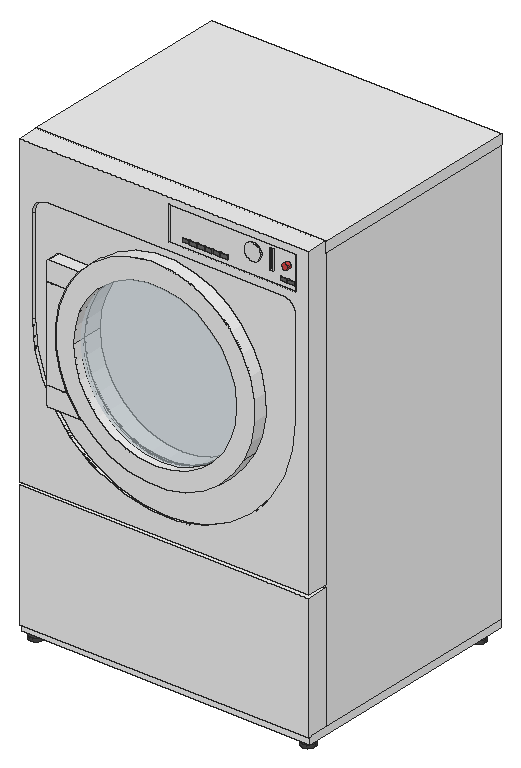
Revit family
Parameters (values of type "Dryer_PT_7251_Miele")
  Warranty Duration (Years) = 0
  Voltage_MEP = 230 V
  URL = "http://www.professionallaundry.com/intro/default.asp"
  Specification = "http://www.arcat.com/sdspecs/htm/11110mpp.htm"
  Send Message = "http://www.arcat.com/users.pl?action=UserEmail&company=Miele%20Professional%20Products&coid=46081&rep=121&fax=609-419-4298&mf="
  Sales Information = "http://miele.com/locator/locator_new.asp?nav=800&snav=800&tnav=800&oT=7"
  Revision = "R1_03-2010"
  Product Properties = "http://www.arcat.com/bim/bim_info.pl?fn=Miele"
  Product Data = "http://www.arcat.com/arcatcos/cos46/arc46081.html"
  Model = "PT 7251"
  Manufacturer Website = "http://www.professionallaundry.com/intro/default.asp"
  Manufacturer Phone - Toll Free = "800-843-7231 "
  Manufacturer Phone = "609-419-9898 "
  Manufacturer Fax = "609-419-4298"
  Manufacturer Address = "9 Independence Way, Princeton, NJ 08540"
  Manufacturer = "Miele Professional Products"
  Maintenance Schedule (Months) = 0
  MEP Wattage = Voltage_MEP * MEP Amperage  # 11500 VA
  MEP Amperage = 50 A
  Keynote = "11 23 00"
  Installation-Fabrication = "http://www.professionallaundry.com/model/modelsintro.asp"
  Installation Phase = ""
  Green Building-LEED = "http://www.arcat.com/green/clients/leed_data_46081.html"
  Expected Lifespan (Years) = 0
  Evaporation Rate = "7.5 fl oz/minute"
  Drawn By = "Robert S. Weygant, CSI, CDT, SCIP"
  Description = "Miele PT 7251 Commercial Dryer"
  Copyright = "2010, ARCAT, Inc"
  Construction Details = "http://www.professionallaundry.com/model/modelsintro.asp"
  Connection Dia Electrical = 0' - 1"
  Connect Dpth = -0' - 1"
  Circuits = 3
  Capacity = "23 Lbs"
  Body Material = Metal - Stainless Steel
  Assembly Code = "E1090320"
Reference planes (in)
  plane 1 "Center (Front/Back)": y = 0
  plane 2: z = 0
  plane 3 "Center (Left/Right)": x = 0
  plane 4 "Connection Plane": y = 14.03916
  plane 5: z = 54.97762
Forms (in)
  Extrusion 1, solid, material "Electrical"
    sketch origin (6.25, 14.03916, 58.94681) x (-1, 0, 0) y (0, 0, -1)
      loop
        circle (19.22397, 6.9376) r 0.5
    from 0 to -1 <- "Connect Dpth"
  Extrusion 2, solid, material "Appliance Foot", not visible
    sketch origin (-17.94491, 0, 5.70173) x (1, 0, 0) y (0, 1, 0)
      loop
        circle (4.33957, -18.03075) r 0.81159
    from 0 to 0.32449
  Extrusion 3, solid, material "Appliance Foot", not visible
    sketch origin (-17.94491, 0, 5.70173) x (1, 0, 0) y (0, 1, 0)
      loop
        circle (4.31639, -18.03075) r 0.18544
    from 0.32449 to 0.78508
  Extrusion 4, solid, material "Appliance Foot"
    sketch origin (-21.03866, 3.96185, 0) x (1, 0, 0) y (0, 1, 0)
      loop
        circle (4.33957, -18.03075) r 0.81159
    from 0 to 0.32449
  Extrusion 5, solid, material "Metal - Stainless Steel" <- "Body Material"
    sketch origin (0, 8.00677, -6.07553) x (1, 0, 0) y (0, 0, 1)
      loop
        line (-17.6875, 7.69188) -> (-17.6875, 6.86061) -> (17.6875, 6.86061) -> (17.6875, 7.69188) -> (-17.6875, 7.69188)
    from -6.0324 to 23.09548
  Extrusion 6, solid, material "Metal - Stainless Steel" <- "Body Material"
    sketch origin (0, 8.00677, 0) x (1, 0, 0) y (0, 0, 1)
      loop
        line (-17.6875, 1.61635) -> (17.6875, 1.61635) -> (17.6875, 16.90242) -> (-17.6875, 16.90242) -> (-17.6875, 1.61635)
    from 20.75285 to 23.33901
  Extrusion 7, solid, material "Metal - Stainless Steel" <- "Body Material"
    sketch origin (0, 8.00677, 0) x (1, 0, 0) y (0, 0, 1)
      loop
        line (-17.6875, 54.97762) -> (-17.6875, 17.31805) -> (17.6875, 17.31805) -> (17.6875, 54.97762) -> (-17.6875, 54.97762)
      loop
        line (0.60036, 54.21704) -> (0.60036, 50.06394) -> (16.11733, 50.06394) -> (16.11733, 54.21704) -> (0.60036, 54.21704)
      loop
        line (-16.11733, 47.38708) -> (-16.11733, 35.74445)
        arc (-16.11733, 35.74445) -> (0, 19.62712) -> (16.11733, 35.74445) r 16.11733
        line (16.11733, 35.74445) -> (16.11733, 47.43338)
        arc (16.11733, 47.43338) -> (15.61833, 48.63807) -> (14.41363, 49.13708) r 1.7037
        line (14.41363, 49.13708) -> (-14.36733, 49.13708)
        arc (-14.36733, 49.13708) -> (-15.60477, 48.62451) -> (-16.11733, 47.38708) r 1.75
    from 20.75285 to 23.33901
  Extrusion 8, solid, material "Metal - Stainless Steel" <- "Body Material"
    sketch origin (0, 8.00677, 47.09719) x (1, 0, 0) y (0, 0, 1)
      loop
        line (-17.77986, 7.88043) -> (-17.77986, 6.69529) -> (17.77986, 6.69529) -> (17.77986, 7.88043) -> (-17.77986, 7.88043)
    from -6.12476 to 20.75285
  Extrusion 9, solid, material "Metal - Stainless Steel" <- "Body Material"
    sketch origin (0, 8.00677, 45.89194) x (1, 0, 0) y (0, 0, 1)
      loop
        line (-17.6875, 7.88043) -> (-17.6875, -44.27559) -> (17.6875, -44.27559) -> (17.6875, 7.88043) -> (-17.6875, 7.88043)
    from -6.0324 to 20.75285
  Extrusion 10, solid, material "Metal - Stainless Steel" <- "Body Material"
    sketch origin (0, 8.00677, 3.8244) x (1, 0, 0) y (0, 0, 1)
      loop
        circle (0, 31.90665) r 10
      loop
        line (-13.04644, 23.88629) -> (-9.19001, 23.88629)
        arc (-9.19001, 23.88629) -> (-10.06089, 24.98601) -> (-10.80086, 26.17775) r 12.29809
        line (-10.80086, 26.17775) -> (-13.34644, 26.17775) -> (-13.34644, 24.18629)
        arc (-13.34644, 24.18629) -> (-13.25857, 23.97415) -> (-13.04644, 23.88629) r 0.3
      loop
        line (-9.38874, 40.00181) -> (-13.05115, 40.00181)
        arc (-13.05115, 40.00181) -> (-13.25995, 39.91532) -> (-13.34644, 39.70652) r 0.29529
        line (-13.34644, 39.70652) -> (-13.34644, 37.64655) -> (-10.95526, 37.64655)
        arc (-10.95526, 37.64655) -> (-10.23994, 38.86937) -> (-9.38874, 40.00181) r 12.29809
      loop
        circle (0, 32.0586) r 12.23809
      loop
        line (-10.99178, 37.57437) -> (-13.34644, 37.57437) -> (-13.34644, 26.23204) -> (-10.83024, 26.23204)
        arc (-10.83024, 26.23204) -> (-12.29684, 31.88347) -> (-10.99178, 37.57437) r 12.29809
    from 24.66616 to 23.09548
  Extrusion 11, solid, material "Glass - Laundry"
    sketch origin (0, 8.00677, 3.97635) x (1, 0, 0) y (0, 0, 1)
      loop
        circle (0, 31.7547) r 10
    from 23.33901 to 23.70847
  Extrusion 12, solid, material "Metal - Stainless Steel" <- "Body Material"
    sketch origin (0, 9.04022, 0) x (1, 0, 0) y (0, 0, 1)
      loop
        line (0.60036, 54.21704) -> (0.60036, 50.06394) -> (16.11733, 50.06394) -> (16.11733, 54.21704) -> (0.60036, 54.21704)
    from 21.71402 to 24.30019
  Extrusion 13, solid, material "Appliance Foot"
    sketch origin (-21.03866, 3.96185, 0) x (1, 0, 0) y (0, 1, 0)
      loop
        circle (4.31639, -18.03075) r 0.18544
    from 0.32449 to 0.78508
  Extrusion 14, solid, material "Appliance Foot"
    sketch origin (-21.03866, 29.96729, 0) x (1, 0, 0) y (0, 1, 0)
      loop
        circle (4.33957, -18.03075) r 0.81159
    from 0 to 0.32449
  Extrusion 15, solid, material "Appliance Foot"
    sketch origin (-21.03866, 29.96729, 0) x (1, 0, 0) y (0, 1, 0)
      loop
        circle (4.31639, -18.03075) r 0.18544
    from 0.32449 to 0.78508
  Extrusion 16, solid, material "Appliance Foot"
    sketch origin (12.33165, 3.96185, 0) x (1, 0, 0) y (0, 1, 0)
      loop
        circle (4.33957, -18.03075) r 0.81159
    from 0 to 0.32449
  Extrusion 17, solid, material "Appliance Foot"
    sketch origin (12.33165, 3.96185, 0) x (1, 0, 0) y (0, 1, 0)
      loop
        circle (4.31639, -18.03075) r 0.18544
    from 0.32449 to 0.78508
  Extrusion 18, solid, material "Appliance Foot"
    sketch origin (12.33165, 29.96729, 0) x (1, 0, 0) y (0, 1, 0)
      loop
        circle (4.33957, -18.03075) r 0.81159
    from 0 to 0.32449
  Extrusion 19, solid, material "Appliance Foot"
    sketch origin (12.33165, 29.96729, 0) x (1, 0, 0) y (0, 1, 0)
      loop
        circle (4.31639, -18.03075) r 0.18544
    from 0.32449 to 0.78508
  Extrusion 20, solid, material "Black"
    sketch origin (0, -15.25997, 0) x (1, 0, 0) y (0, 0, 1)
      loop
        line (2.26916, 51.08376) -> (2.26916, 50.66656) -> (3.0572, 50.66656) -> (3.0572, 51.08376) -> (2.26916, 51.08376)
      loop
        line (3.19627, 51.08376) -> (3.19627, 50.66656) -> (4.03067, 50.66656) -> (4.03067, 51.08376) -> (3.19627, 51.08376)
      loop
        line (4.16973, 51.08376) -> (4.16973, 50.66656) -> (4.95778, 50.66656) -> (4.95778, 51.08376) -> (4.16973, 51.08376)
      loop
        line (5.09684, 51.08376) -> (5.09684, 50.66656) -> (5.88489, 50.66656) -> (5.88489, 51.08376) -> (5.09684, 51.08376)
      loop
        line (6.07031, 51.08376) -> (6.07031, 50.66656) -> (6.85835, 50.66656) -> (6.85835, 51.08376) -> (6.07031, 51.08376)
      loop
        line (6.99742, 51.08376) -> (6.99742, 50.66656) -> (7.78546, 50.66656) -> (7.78546, 51.08376) -> (6.99742, 51.08376)
    from 0 to 0.125
  Extrusion 21, solid, material "White"
    sketch origin (4.03804, -15.25997, 0.33129) x (1, 0, 0) y (0, 0, 1)
      loop
        circle (6.84112, 52.25291) r 1
    from 0 to 0.125
  Extrusion 22, solid, material "White"
    sketch origin (6.30948, -15.25997, 0.33129) x (1, 0, 0) y (0, 0, 1)
      loop
        line (6.65568, 53.43834) -> (6.65568, 51.0306) -> (7.02652, 51.0306) -> (7.02652, 53.43834) -> (6.65568, 53.43834)
      loop
        line (6.79474, 53.29782) -> (6.79474, 51.16937) -> (6.88746, 51.16937) -> (6.88746, 53.29782) -> (6.79474, 53.29782)
    from 0 to 0.125
  Extrusion 23, solid, material "Red"
    sketch origin (8.25902, -15.25997, 0.33129) x (1, 0, 0) y (0, 0, 1)
      loop
        circle (6.84112, 52.25291) r 0.36667
    from 0 to 0.44465
  Extrusion 24, solid, material "Black"
    sketch origin (8.19532, -15.25997, -0.00781) x (1, 0, 0) y (0, 0, 1)
      loop
        line (6.07031, 51.08376) -> (6.07031, 50.66656) -> (6.85835, 50.66656) -> (6.85835, 51.08376) -> (6.07031, 51.08376)
      loop
        line (6.99742, 51.08376) -> (6.99742, 50.66656) -> (7.78546, 50.66656) -> (7.78546, 51.08376) -> (6.99742, 51.08376)
    from 0 to 0.125
  Extrusion 25, solid, material "Metal - Stainless Steel" <- "Body Material"
    sketch origin (0, 8.00677, 0) x (1, 0, 0) y (0, 0, 1)
      loop
        line (-16.11733, 47.38708) -> (-16.11733, 35.74445)
        arc (-16.11733, 35.74445) -> (0, 19.62712) -> (16.11733, 35.74445) r 16.11733
        line (16.11733, 35.74445) -> (16.11733, 47.43338)
        arc (16.11733, 47.43338) -> (15.61833, 48.63807) -> (14.41363, 49.13708) r 1.7037
        line (14.41363, 49.13708) -> (-14.36733, 49.13708)
        arc (-14.36733, 49.13708) -> (-15.60477, 48.62451) -> (-16.11733, 47.38708) r 1.75
      loop
        circle (0, 35.73105) r 10
    from 20.75285 to 23.00285
  Extrusion 26, solid, material "Metal - Stainless Steel"
    sketch origin (31.00025, 14.03916, 19.1295) x (-1, 0, 0) y (0, 0, -1)
      loop
        circle (19.22397, 6.9376) r 3
    from 0 to -2.07955
Lines and regions (in)
  Split face 1
    outline origin (0, -15.25997, 0) x (1, 0, 0) y (0, 0, 1)
      loop
        line (1.75925, 53.63331) -> (1.75925, 51.4546) -> (10.87916, 51.4546)
        arc (10.87916, 51.4546) -> (11.96851, 52.54396) -> (10.87916, 53.63331) r 1.08935
        line (10.87916, 53.63331) -> (1.75925, 53.63331)
  Split face 2
    outline origin (0, -15.25997, 0) x (1, 0, 0) y (0, 0, 1)
      loop
        circle (15.10013, 52.5842) r 0.48943
  symbolic lines, style "MechanicalEquipmentHiddenLines"
    curve 1: line (25.62965, -37.5011, 0) -> (12.52987, -15.33225, 0)
    curve 2: arc (0, -19.30453, 43.82621) -> (0, -41.05563, 35.71403) -> (0, -19.26492, 27.70888) r 12.37698
    curve 3: arc (0, -18.87843, 37.73316) -> (0, -38.67867, 35.72599) -> (0, -18.87116, 33.79194) r 10
    curve 4: circle (0, -28.67869, 35.74445) r 9.5 normal (1, 0, 0)
    curve 5: line (0, -16.30206, 43.82621) -> (0, -19.30453, 43.82621)
    curve 6: line (0, -19.26492, 27.70888) -> (0, -16.30206, 27.70888)
    curve 7: line (0, -15.02657, 0.7565) -> (0, -25.76926, 11.49918)
    curve 8: line (0, -23.96818, 13.30026) -> (0, -25.95398, 11.31446)
    curve 9: line (0, -13.13973, 2.47181) -> (0, -23.96818, 13.30026)
    curve 10: line (0, -15.02657, 0.7565) -> (0, -13.13973, 2.47181)
    curve 11: line (0, -25.95398, 10.57555) -> (0, -25.95398, 11.31446)
    curve 14: arc (-12.51001, -16.30206, 0) -> (0.481, -37.694, 0) -> (25.50833, -37.5728, 0) r 25.40964
  symbolic lines
    curve 12: line (0, -16.11733, 16.53296) -> (0, -15.7017, 16.90242)
    curve 13: line (0, -15.7017, 16.90242) -> (0, -15.33225, 16.90242)
Dimensions and locks (in)
  "Connection Dia Electrical": Extrusion 1 sketch curve to Extrusion 1 sketch curve
  Extrusion 26 sketch curve to Extrusion 26 sketch curve = 0' - 6"
Automatic sketch dimensions
  Extrusion 1 sketch curve to Extrusion 1 sketch curve = 0' - 0"  (x2)
  Extrusion 1 sketch curve to plane 5 = 0' - 2.96841"
  Extrusion 1 sketch curve to plane 3 "Center (Left/Right)" = 1' - 0.47397"
  level to Extrusion 5 sketch curve = 0' - 0.78508"
  Extrusion 5 sketch curve to plane 3 "Center (Left/Right)" = 1' - 5 11/16"
  plane 3 "Center (Left/Right)" to Extrusion 5 sketch curve = 1' - 5 11/16"
  Extrusion 5 sketch curve to Extrusion 5 sketch curve = 0' - 0.83127"
  Extrusion 8 sketch curve to plane 5 = 0' - 0"
  Extrusion 8 sketch curve to plane 5 = 0' - 1.18514"
  Extrusion 8 sketch curve to plane 3 "Center (Left/Right)" = 1' - 5.77986"
  plane 3 "Center (Left/Right)" to Extrusion 8 sketch curve = 1' - 5.77986"
  level to Extrusion 9 sketch curve = 0' - 1.61635"
  Extrusion 9 sketch curve to plane 3 "Center (Left/Right)" = 1' - 5 11/16"
  plane 3 "Center (Left/Right)" to Extrusion 9 sketch curve = 1' - 5 11/16"
  Extrusion 9 sketch curve to plane 5 = 0' - 1.20524"
  plane 3 "Center (Left/Right)" to Extrusion 12 sketch curve = 0' - 0.60036"
  Extrusion 12 sketch curve to plane 5 = 0' - 4.91368"
  plane 3 "Center (Left/Right)" to Extrusion 12 sketch curve = 1' - 4.11733"
  Extrusion 12 sketch curve to plane 5 = 0' - 0.76058"
  Extrusion 20 sketch curve to Extrusion 12 = 0' - 0.60262"  (x2)
  Extrusion 20 sketch curve to Extrusion 12 = 0' - 1.6688"
  Extrusion 20 sketch curve to Extrusion 20 sketch curve = 0' - 0.78804"  (x5)
  Extrusion 20 sketch curve to Extrusion 20 sketch curve = 0' - 0.13907"  (x4)
  Extrusion 20 sketch curve to Extrusion 20 sketch curve = 0' - 0.8344"
  Extrusion 20 sketch curve to Extrusion 20 sketch curve = 0' - 0.18542"
  Extrusion 20 sketch curve to Extrusion 20 sketch curve = 0' - 0"  (x8)
  Extrusion 20 sketch curve to Extrusion 20 sketch curve = 0' - 0.4172"  (x2)
  Split face 1 sketch curve to Extrusion 12 = 0' - 1.15889"
  Split face 1 sketch curve to Extrusion 12 = 0' - 1.39066"
  Split face 1 sketch curve to Extrusion 12 = 0' - 5.23817"
  Split face 1 sketch curve to Split face 1 sketch curve = 0' - 1.08935"
  Extrusion 21 sketch curve to Extrusion 12 = 0' - 1 81/128"
  Extrusion 21 sketch curve to Extrusion 12 = 0' - 5.23817"
  Extrusion 22 sketch curve to Extrusion 12 = 0' - 1.29795"
  Extrusion 22 sketch curve to Extrusion 12 = 0' - 3.15217"
  Extrusion 22 sketch curve to Extrusion 22 sketch curve = 0' - 0.13907"  (x2)
  Extrusion 22 sketch curve to Extrusion 22 sketch curve = 0' - 0.09271"
  Extrusion 22 sketch curve to Extrusion 22 sketch curve = 0' - 0.13877"
  Extrusion 22 sketch curve to Extrusion 12 = 0' - 0.58793"
  Extrusion 22 sketch curve to Extrusion 22 sketch curve = 0' - 0.14052"
  Extrusion 23 sketch curve to Extrusion 12 = 0' - 1.0172"
  Extrusion 23 sketch curve to Extrusion 12 = 0' - 1 81/128"
  Split face 2 sketch curve to Extrusion 12 = 0' - 1.0172"
  Split face 2 sketch curve to Extrusion 12 = 0' - 1 81/128"
  Extrusion 24 sketch curve to Extrusion 24 sketch curve = 0' - 0.78804"  (x2)
  Extrusion 24 sketch curve to Extrusion 24 sketch curve = 0' - 0.13907"
  Extrusion 24 sketch curve to Extrusion 12 = 0' - 0.13654"
  Extrusion 24 sketch curve to Extrusion 12 = 0' - 0.59481"
  Extrusion 24 sketch curve to Extrusion 24 sketch curve = 0' - 0"  (x2)
  Extrusion 24 sketch curve to Extrusion 24 sketch curve = 0' - 0.4172"
  level to Extrusion 6 sketch curve = 1' - 4.90242"
  Extrusion 6 sketch curve to plane 3 "Center (Left/Right)" = 1' - 5 11/16"
  plane 3 "Center (Left/Right)" to Extrusion 6 sketch curve = 1' - 5 11/16"
  level to Extrusion 6 sketch curve = 0' - 1.61635"
  Extrusion 7 sketch curve to plane 5 = 0' - 0"
  Extrusion 7 sketch curve to plane 3 "Center (Left/Right)" = 0' - 0"
  Extrusion 7 sketch curve to plane 5 = 0' - 5.84055"
  Extrusion 7 sketch curve to plane 3 "Center (Left/Right)" = 1' - 2.36733"
  Extrusion 7 sketch curve to Extrusion 7 sketch curve = 0' - 1 3/4"
  Extrusion 7 sketch curve to Extrusion 7 sketch curve = 0' - 3.32017"
  plane 3 "Center (Left/Right)" to Extrusion 7 sketch curve = 0' - 0.60036"
  Extrusion 7 sketch curve to Extrusion 7 sketch curve = 0' - 1.7037"  (x2)
  Extrusion 7 sketch curve to plane 5 = 0' - 0.76058"
  plane 3 "Center (Left/Right)" to Extrusion 7 sketch curve = 1' - 5 11/16"
  Extrusion 7 sketch curve to Extrusion 7 sketch curve = 0' - 11.64262"
  level to Extrusion 7 sketch curve = 1' - 5.31805"
  Extrusion 7 sketch curve to Extrusion 7 sketch curve = 0' - 4.1531"
  Extrusion 25 sketch curve to plane 3 "Center (Left/Right)" = 0' - 0"  (x2)
  Extrusion 25 sketch curve to plane 5 = 0' - 5.84055"
  Extrusion 25 sketch curve to plane 3 "Center (Left/Right)" = 1' - 2.36733"
  Extrusion 25 sketch curve to Extrusion 25 sketch curve = 0' - 1 3/4"
  Extrusion 25 sketch curve to Extrusion 25 sketch curve = 0' - 1.7037"
  Extrusion 25 sketch curve to Extrusion 25 sketch curve = 0' - 11.64262"
  Extrusion 11 sketch curve to plane 3 "Center (Left/Right)" = 0' - 0"
  Extrusion 11 sketch curve to Extrusion 11 sketch curve = 0' - 10"
  Extrusion 11 sketch curve to plane 5 = 1' - 7.24657"
  curve 2 to curve 3 = 0' - 0"  (x2)
  curve 2 to curve 4 = 0' - 0"  (x2)
  curve 3 to curve 4 = 0' - 0"  (x2)
  plane 1 "Center (Front/Back)" to curve 4 = 2' - 4.67869"
  level to curve 8 = 0' - 11.31446"
  curve 2 to curve 8 = 0' - 2.72471"
  level to curve 7 = 0' - 11.49918"
  curve 8 to curve 7 = 0' - 0.18473"
  level to curve 8 = 1' - 1.30026"
  curve 2 to curve 5 = 0' - 9.37415"
  curve 2 to curve 6 = 0' - 9.41377"
  curve 5 to curve 3 = 0' - 0.4261"
  curve 3 to curve 3 = 0' - 0.00728"
  curve 2 to curve 6 = 0' - 2.96286"
  curve 2 to curve 5 = 0' - 3.00248"
  curve 8 to curve 12 = 0' - 7.85085"
  curve 12 to curve 13 = 0' - 0.41563"
  curve 12 to curve 13 = 0' - 0.36945"  (x2)
  level to curve 7 = 0' - 0.7565"
  level to curve 9 = 0' - 2.47181"
  curve 11 to curve 8 = 0' - 0.7389"
  curve 8 to curve 12 = 0' - 3.2327"
  curve 12 to curve 6 = 0' - 10.80646"
  curve 6 to curve 3 = 0' - 6.08306"
  curve 3 to curve 2 = 0' - 1.95252"
  curve 1 to curve 14 = 0' - 0.35769"
  curve 14 to curve 1 = 0' - 0.12132"
  plane 1 "Center (Front/Back)" to curve 14 = 3' - 1.5728"
  curve 14 to curve 1 = 0' - 0.07169"
  curve 14 to curve 1 = 0' - 0.18685"
  plane 3 "Center (Left/Right)" to Extrusion 26 sketch curve = 1' - 2.77627"
  Extrusion 26 sketch curve to plane 5 = 3' - 6.78572"
  curve 14 to plane 3 "Center (Left/Right)" = 1' - 0.51001"
  plane 3 "Center (Left/Right)" to curve 1 = 1' - 0.52987"
  curve 14 to curve 14 = 1' - 0.62076"
  plane 1 "Center (Front/Back)" to curve 14 = 1' - 4.30206"
  Extrusion 10 sketch curve to Extrusion 10 sketch curve = 0' - 0"  (x14)
  Extrusion 10 sketch curve to plane 3 "Center (Left/Right)" = 0' - 0"  (x2)
  Extrusion 10 sketch curve to plane 3 "Center (Left/Right)" = 0' - 9.19001"
  Extrusion 10 sketch curve to plane 3 "Center (Left/Right)" = 0' - 9.38874"
  Extrusion 10 sketch curve to Extrusion 10 sketch curve = 0' - 1.61085"
  Extrusion 10 sketch curve to Extrusion 10 sketch curve = 0' - 0.02938"
  Extrusion 10 sketch curve to Extrusion 10 sketch curve = 0' - 1.56652"
  Extrusion 10 sketch curve to Extrusion 10 sketch curve = 0' - 0.03652"
  Extrusion 10 sketch curve to Extrusion 10 sketch curve = 0' - 2.24558"
  Extrusion 10 sketch curve to Extrusion 10 sketch curve = 0' - 2.09589"
  Extrusion 10 sketch curve to Extrusion 10 sketch curve = 0' - 0.29529"
  Extrusion 10 sketch curve to plane 5 = 2' - 3.26694"
  Extrusion 10 sketch curve to Extrusion 10 sketch curve = 0' - 1.99146"
  Extrusion 10 sketch curve to Extrusion 10 sketch curve = 0' - 0.05429"
  Extrusion 10 sketch curve to Extrusion 10 sketch curve = 0' - 0.15195"
  Extrusion 10 sketch curve to Extrusion 10 sketch curve = 0' - 0.07219"
  Extrusion 25 sketch curve to Extrusion 25 sketch curve = 0' - 6.11733"
  Extrusion 25 sketch curve to Extrusion 25 sketch curve = 0' - 0.0134"
  radius of Extrusion 2 sketch curve = 0' - 0.81159"
  radius of Extrusion 3 sketch curve = 0' - 0.18544"
  radius of Extrusion 4 sketch curve = 0' - 0.81159"
  radius of Extrusion 13 sketch curve = 0' - 0.18544"
  radius of Extrusion 14 sketch curve = 0' - 0.81159"
  radius of Extrusion 15 sketch curve = 0' - 0.18544"
  radius of Extrusion 16 sketch curve = 0' - 0.81159"
  radius of Extrusion 17 sketch curve = 0' - 0.18544"
  radius of Extrusion 18 sketch curve = 0' - 0.81159"
  radius of Extrusion 19 sketch curve = 0' - 0.18544"
  radius of Extrusion 21 sketch curve = 0' - 1"
  radius of Extrusion 23 sketch curve = 0' - 0.36667"
  radius of Split face 2 sketch curve = 0' - 0.48943"
  radius of curve 4 = 0' - 9 1/2"
  radius of Extrusion 10 sketch curve = 0' - 10"
  radius of Extrusion 10 sketch curve = 1' - 0.23809"
Connectors (in)
  electrical at (-12.97397, 15.03916, 52.00921), driven by "Voltage_MEP", driven by "MEP Wattage"
    settings: on Extrusion 1, index 1
  hvac at (11.77627, 16.11872, 12.19191)
    settings: on Extrusion 26, index 2
